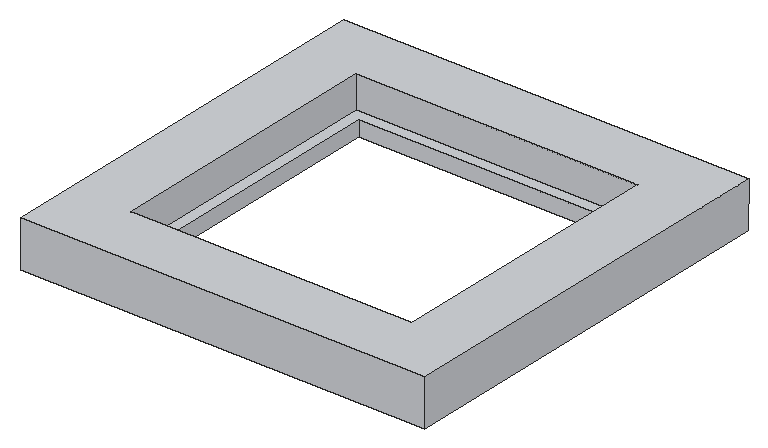
Revit family "Gira_021123", category Electrical Fixtures, host Face, Revit 2017
Family settings
  Host = Face
  Maintain Annotation Orientation = No
  Round Connector Dimension = Use Diameter
  Part Type = Normal
  Cut with Voids When Loaded = No
  Shared = No
  Room Calculation Point = No
Parameters (values of type "Abdeckrahmen 1f Gira E2 Anthrazit")
  Werkstoffgüte = "Thermoplast"
  Werkstoff = "Kunststoff"
  URL = "http://katalog.gira.de/de_DE/datenblatt.html?artikelnr=021123"
  Transparent = "No"
  Textfeld/Beschriftungsfläche = "No"
  Schutzart (IP) = "IP20"
  Region = "DE"
  Oberfläche = "sonstige"
  Name = "Abdeckrahmen 1f Gira E2 Anthrazit"
  Montagerichtung = "horizontal und vertikal"
  Mit Montagerahmen = "No"
  Mit Klappdeckel = "No"
  Manufacturer URL = "https://www.gira.de/"
  Keynote = "E2_Rahmen_1fach"
  HeinzeBIM = "https://bimportal.heinze.de/bim/abdeckrahmen-1f-gira-e2-anthrazit/ddd2e86515712e84c8fa99e65678dd5719140cca"
  Halogenfrei = "Yes"
  HAN = "021123"
  Geeignet für Unterputz-Installation = "Yes"
  Geeignet für Unterflurkanaldose = "No"
  Geeignet für Geräteeinbaukanal = "No"
  Geeignet für Einbauinstallation = "No"
  GTIN = "4010337211235"
  Farbe = "anthrazit"
  Default Elevation = 1219.2 mm
  Data sheet (1) = "https://katalog.gira.de/de_DE/download.html?artikelnr=021123"
  Category = "Abdeckrahmen"
  Befestigungsart = "Klemmbefestigung"
  Available = "Yes"
  Anzahl der Einheiten vertikal = "1 "
  Anzahl der Einheiten horizontal = "1 "
  Anzahl der Einheiten = "1 "
Reference planes
  plane 1 "Center (Front/Back)": y = 0
  plane 2: z = 0
  plane 3 "Center (Left/Right)": x = 0
Forms (mm)
  Extrusion 1, solid, detail levels fine
    sketch origin (0, 0, 0) x (1, 0, 0) y (0, 1, 0)
      loop
        line (40.4, 40.4) -> (-40.4, 40.4) -> (-40.4, -40.4) -> (40.4, -40.4) -> (40.4, 40.4)
      loop
        line (-28.152, 28.1) -> (-28.152, -28.152) -> (28.1, -28.152) -> (28.1, 28.1) -> (-28.152, 28.1)
    from 0 to 9.3
  Extrusion 2, solid, detail levels fine
    sketch origin (0, 0, 0) x (1, 0, 0) y (0, 1, 0)
      loop
        line (-28.152, -28.152) -> (28.1, -28.152) -> (28.1, 28.1) -> (-28.152, 28.1) -> (-28.152, -28.152)
      loop
        line (25.7, -25.7) -> (25.7, 25.7) -> (-25.7, 25.7) -> (-25.7, -25.7) -> (25.7, -25.7)
    from 0 to 3
  Extrusion 3, solid, detail levels coarse+medium
    sketch origin (0, 0, 0) x (1, 0, 0) y (0, 1, 0)
      loop
        line (40.4, 40.4) -> (-40.4, 40.4) -> (-40.4, -40.4) -> (40.4, -40.4) -> (40.4, 40.4)
    from 0 to 9.3
Dimensions and locks
  aligned and locked: plane 2 to host face
  aligned and locked: level to host face
